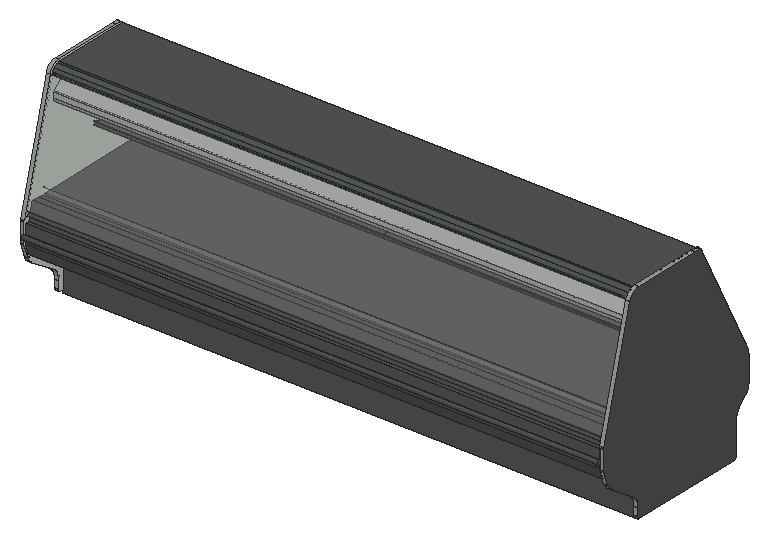
Revit family "ESGMVS_2014", category Specialty Equipment, Revit 2014 (continued)
Automatic sketch dimensions
  Extrusion 2 sketch curve to Extrusion 2 sketch curve = 0"
  Extrusion 3 sketch curve to Extrusion 3 sketch curve = 0"
  plane 1 "Back" to curve 3 = 0"
  plane 1 "Back" to curve 2 = 0"
  plane 1 "Back" to curve 7 = 0"
  plane 1 "Back" to curve 1 = 0"
  plane 1 "Back" to curve 8 = 0"
  plane 1 "Back" to curve 4 = 0"
  plane 8 "Front" to curve 1 = 3/4"
  plane 8 "Front" to curve 4 = 3/4"
  plane 8 "Front" to curve 3 = 3/4"
  plane 8 "Front" to curve 7 = 3/4"
  plane 8 "Front" to curve 2 = 3/4"
  plane 8 "Front" to curve 8 = 3/4"
  Extrusion 38 sketch curve to Extrusion 38 sketch curve = 3.91979"
  Extrusion 38 sketch curve to Extrusion 38 sketch curve = 0.37033"
  Extrusion 38 sketch curve to Extrusion 38 sketch curve = 0.5087"
  Extrusion 38 sketch curve to Extrusion 38 sketch curve = 2.01043"
  Extrusion 38 sketch curve to Extrusion 38 sketch curve = 0.2592"
  Extrusion 39 sketch curve to Extrusion 39 sketch curve = 3.91979"
  Extrusion 39 sketch curve to Extrusion 39 sketch curve = 2.01043"
  Extrusion 39 sketch curve to Extrusion 39 sketch curve = 0.37033"
  Extrusion 39 sketch curve to Extrusion 39 sketch curve = 0.5087"
  Extrusion 39 sketch curve to Extrusion 39 sketch curve = 0.2592"
  Extrusion 40 sketch curve to Extrusion 40 sketch curve = 3.91979"
  Extrusion 40 sketch curve to Extrusion 40 sketch curve = 2.01043"
  Extrusion 40 sketch curve to Extrusion 40 sketch curve = 0.37033"
  Extrusion 40 sketch curve to Extrusion 40 sketch curve = 0.5087"
  Extrusion 40 sketch curve to Extrusion 40 sketch curve = 0.2592"
Nested families (in)
  nested 1: "Floor Support - E Series" at (-73.0625, -2.46769, 0), type "Floor Support - E Series"
    with Height 16 51/256"
  nested 2: "Floor Support - E Series" at (64.1875, -2.46769, 0), type "Floor Support - E Series"
    with Height 16 51/256"
  nested 3: "Light" at (-5.30699, -26.7696, -7.66696), visible <- "Light", type "Light"
    with Length 144 1/2"
  nested 4: "Service Doors - 117deg - 48" at (-77.21324, -25.8463, 0.6267), visible <- "8 Case", type "Service Doors - 117deg - 48"
  nested 5: "Service Doors - 117deg - 72" at (-77.18199, -25.8463, 0.6267), visible <- "12 Case", type "Service Doors - 117deg - 72"
  nested 6: "Service Doors - 117deg - 72" at (-4.93199, -25.8463, 0.6267), visible <- "12 Case", type "Service Doors - 117deg - 72"
  nested 7: "Service Doors - 117deg - 72" at (-77.11949, -25.8463, 0.6267), visible <- "6 Case", type "Service Doors - 117deg - 72"
  nested 8: "Service Doors - 117deg - 72" at (-77.18199, -64.6905, -0.30892), visible <- "12 Case", type "Service Doors - 117deg - 72", not visible
  nested 9: "Service Doors - 117deg - 72" at (-4.93199, -64.6905, -0.30892), visible <- "12 Case", type "Service Doors - 117deg - 72", not visible
  nested 10: "Service Doors - 117deg - 72" at (-77.11949, 14.85822, -0.30892), visible <- "6 Case", type "Service Doors - 117deg - 72", not visible
  nested 11: "Service Doors - 117deg - 48" at (-29.02574, -25.8463, 0.6267), visible <- "8 Case", type "Service Doors - 117deg - 48"
  nested 12: "Service Doors - 117deg - 48" at (-77.21324, -92.6905, -0.30892), visible <- "8 Case", type "Service Doors - 117deg - 48", not visible
  nested 13: "Service Doors - 117deg - 48" at (-29.02574, -92.6905, -0.30892), visible <- "8 Case", type "Service Doors - 117deg - 48", not visible
  nested 14: "Service Doors - 117deg - 48" at (-77.18199, -25.8463, 0.6267), visible <- "4 Case", type "Service Doors - 117deg - 48"
  nested 15: "Service Doors - 117deg - 48" at (-77.18199, -1.6905, -0.30892), visible <- "4 Case", type "Service Doors - 117deg - 48", not visible
  nested 16: "Light" at (-5.30699, -8.56773, -9.28575), visible <- "Light", type "Light"
    with Length 144 1/2"
  nested 17: "Floor Support - E Series" at (-27.3125, -2.46769, 0), type "Floor Support - E Series"
    with Height 16 51/256"
  nested 18: "Floor Support - E Series" at (18.4375, -2.46769, 0), type "Floor Support - E Series"
    with Height 16 51/256"
  nested 19: "Shelf - E Series" at (-77.11949, -11.1413, 29.30745), visible <- "Shelf", type "12""
  nested 20: "Shelf - E Series" at (-77.11949, -13.85553, 34.63443), visible <- "Shelf", type "10""
    with Depth 10"
  nested 21: "Shelf - E Series" at (66.75551, -11.1413, 29.30745), visible <- "Shelf", type "12""
  nested 22: "Shelf - E Series" at (66.75551, -13.85553, 34.63443), visible <- "Shelf", type "10""
    with Depth 10"
  nested 23: "Shelf - E Series" at (-5.18199, -11.1413, 29.30745), visible <- "Shelf", type "12""
  nested 24: "Shelf - E Series" at (-5.18199, -13.85553, 34.63443), visible <- "Shelf", type "10""
    with Depth 10"
  nested 25: "Light" at (-5.30699, -14.23154, -13.46816), visible <- "Shelf Lights", type "Light"
    with Length 144 1/2"
  nested 26: "Light" at (-5.30699, -13.5173, -18.79514), visible <- "Shelf Lights", type "Light"
    with Length 144 1/2"
Connectors (in)
  piping at (-5.05699, -26.25, 15.21482), diameter 1.5, driven by "Waste Drain"
    settings: on Extrusion 1, index 8, connector inside diameter 1 1/4", connector length 0", flow factor 0, pipe flow 0 GPM, pressure drop 0.00 psi, fitting loss kfactor 0, connector angle 0.00°, fixture units 0, engagement length 0", angle of deflection 0.00°, flow configuration 0, flow direction 0, fitting loss method 0, system type 16, joint type 0, gender type 0, connector reference index -1, connector utility 0, adjustable connector no, is connector primary yes, connector description "1 1/4\""
  piping at (58.50551, -29.375, 0), diameter 0.875, driven by "Refrig. Suction", driven by "Refrigeration Lines Suction"
    settings: on Extrusion 2, index 9, connector inside diameter 7/8", connector length 0", flow factor 0, pipe flow 0 GPM, pressure drop 0.00 psi, fitting loss kfactor 0, connector angle 0.00°, fixture units 0, engagement length 0", angle of deflection 0.00°, flow configuration 0, flow direction 2, fitting loss method 0, system type 22, joint type 0, gender type 0, connector reference index -1, connector utility 0, adjustable connector no, is connector primary no, connector description "Suction"
  piping at (59.13051, -29.375, 0), diameter 0.375, driven by "Refrig. Liquid", driven by "Refrigeration Lines Liquid"
    settings: on Extrusion 3, index 10, connector inside diameter 3/8", connector length 0", flow factor 0, pipe flow 0 GPM, pressure drop 0.00 psi, fitting loss kfactor 0, connector angle 0.00°, fixture units 0, engagement length 0", angle of deflection 0.00°, flow configuration 0, flow direction 1, fitting loss method 0, system type 22, joint type 0, gender type 0, connector reference index -1, connector utility 0, adjustable connector no, is connector primary no, connector description "Liquid"
Definition of nested family "Floor Support - E Series"
  Parameters (values of type "Floor Support - E Series")
    Width = 4"
    URL = "www.hussmann.com"
    Type Comments = ""
    Revit Family Date = "5/12/2016"
    Model = ""
    Manufacturer = "Hussmann Corporation"
    Height = 15.4495"
    Floor Support = none
    Description = ""
    Depth = 26.382"
    Assembly Code = ""
    Accessories/Options = ""
  Reference planes (in)
    plane 1 "Back": y = -2.993
    plane 2 "Bottom": z = 0
    plane 3 "Top": z = 15.4495
    plane 4 "Front": y = -29.375
    plane 5 "Center (Left/Right)": x = -0.61949
    plane 6 "Left": x = -2.61949
    plane 7 "Right": x = 1.38051
  Forms (in)
    Extrusion 1, solid, material <- "Floor Support"
      sketch origin (0, 0, 0) x (1, 0, 0) y (0, 1, 0)
        loop
          line (-2.61949, -6.062) -> (-2.61949, -6.187) -> (-1.74449, -6.187) -> (-1.74449, -3.118) -> (0.50551, -3.118) -> (0.50551, -6.187) -> (1.38051, -6.187) -> (1.38051, -6.062) -> (0.63051, -6.062) -> (0.63051, -2.993) -> (-1.86949, -2.993) -> (-1.86949, -6.062) -> (-2.61949, -6.062)
        loop
          line (-2.61949, -26.306) -> (-1.86949, -26.306) -> (-1.86949, -29.375) -> (0.63051, -29.375) -> (0.63051, -26.306) -> (1.38051, -26.306) -> (1.38051, -26.181) -> (0.50551, -26.181) -> (0.50551, -29.25) -> (-1.74449, -29.25) -> (-1.74449, -26.181) -> (-2.61949, -26.181) -> (-2.61949, -26.306)
      from 0.6875 to 15.4495
    Extrusion 2, solid, material <- "Floor Support"
      sketch origin (0, 0, 0) x (1, 0, 0) y (0, 1, 0)
        loop
          circle (-0.61949, -3.519) r 0.3125
        loop
          circle (-0.61949, -28.592) r 0.3125
      from 0 to 0.5625
    Extrusion 3, solid, material <- "Floor Support"
      sketch origin (0, 0, 0) x (1, 0, 0) y (0, 1, 0)
        loop
          circle (-0.61949, -28.592) r 0.5
        loop
          circle (-0.61949, -3.519) r 0.5
      from 0.5625 to 0.6875
    Extrusion 4, solid, material <- "Floor Support"
      sketch origin (0, 0, 0) x (1, 0, 0) y (0, 1, 0)
        loop
          line (-1.74449, -3.118) -> (-1.74449, -29.25) -> (0.50551, -29.25) -> (0.50551, -3.118) -> (-1.74449, -3.118)
      from 12.56949 to 15.4495
  Dimensions and locks (in)
    "Depth": plane 4 "Front" to plane 1 "Back"
    "Height": plane 3 "Top" to level
    equal spacing: plane 6 "Left", plane 5 "Center (Left/Right)", plane 7 "Right"
    "Width": plane 6 "Left" to plane 7 "Right"
    aligned and locked: Extrusion 4 to plane 3 "Top"
    aligned and locked: Extrusion 1 to plane 3 "Top"
  Automatic sketch dimensions
    plane 1 "Back" to Extrusion 1 sketch curve = 0"
    Extrusion 1 sketch curve to Extrusion 1 sketch curve = 1/8"  (x9)
    plane 1 "Back" to Extrusion 1 sketch curve = 1/8"
    Extrusion 1 sketch curve to Extrusion 1 sketch curve = 0"  (x2)
    Extrusion 1 sketch curve to plane 6 "Left" = 0"  (x2)
    plane 6 "Left" to Extrusion 1 sketch curve = 3/4"  (x2)
    Extrusion 1 sketch curve to plane 7 "Right" = 0"  (x2)
    Extrusion 1 sketch curve to plane 7 "Right" = 7/8"
    Extrusion 1 sketch curve to Extrusion 1 sketch curve = 7/8"
    Extrusion 3 sketch curve to plane 5 "Center (Left/Right)" = 0"  (x2)
    plane 4 "Front" to Extrusion 4 sketch curve = 1/8"
    plane 6 "Left" to Extrusion 4 sketch curve = 7/8"
    Extrusion 4 sketch curve to plane 7 "Right" = 7/8"
    plane 1 "Back" to Extrusion 4 sketch curve = 1/8"
    Extrusion 1 sketch curve to plane 4 "Front" = 0"
    Extrusion 1 sketch curve to Extrusion 1 sketch curve = 2.944"
    plane 4 "Front" to Extrusion 3 sketch curve = 0.783"
    Extrusion 1 sketch curve to Extrusion 1 sketch curve = 3.069"
    plane 1 "Back" to Extrusion 3 sketch curve = 0.526"
    radius of Extrusion 3 sketch curve = 1/2"  (x2)
Definition of nested family "Service Doors - 117deg - 48"
  Parameters (values of type "Service Doors - 117deg - 48")
    Glazing = Glass
    Door Frame = none
  Reference planes (in)
    plane 1 "Center (Front/Back)": y = 25.29918
    plane 2: z = 0
    plane 3 "Center (Left/Right)": x = 0
  Forms (in)
    Sweep 1, solid, material <- "Door Frame"
      path in 3D
        loop
          line (48, 12.47395, 49.89806) -> (0, 12.47395, 49.89806) -> (0, 25.29918, 24.72713) -> (48, 25.29918, 24.72713) -> (48, 12.47395, 49.89806)
      profile origin (24, 12.47395, 49.89806) x (0, -0.999433, -0.03367) y (0, -0.03367, 0.999433)
        loop
          line (0.21162, -0.099) -> (0, 0) -> (-0.6356, -1.35868) -> (1.40139, -2.3116) -> (1.82513, -1.40581) -> (0.01501, -0.55903) -> (0.21162, -0.099)
    Extrusion 2, solid, material <- "Door Frame"
      sketch origin (1.5, 11.15118, 47.54059) x (0, 0.45399, -0.891007) y (0, 0.891007, 0.45399)
        loop
          line (0, 0.25) -> (25.25, 0.25) -> (25.25, 1.0625) -> (0, 1.0625) -> (0, 0.25)
      from 0 to 23
    Extrusion 3, solid, material <- "Door Frame"
      sketch origin (46.5, 22.61444, 25.04267) x (0, -0.45399, 0.891007) y (0, 0.891007, 0.45399)
        loop
          line (25.25, 1.875) -> (0, 1.875) -> (0, 1.0625) -> (25.25, 1.0625) -> (25.25, 1.875)
      from 0 to 23
    Extrusion 4, void
      sketch origin (46.5, 13.11976, 47.80708) x (0, -0.45399, 0.891007) y (-1, 0, 0)
        loop
          line (-23.09373, 21.5) -> (-23.09373, 1.5) -> (-0.84373, 1.5) -> (-0.84373, 21.5) -> (-23.09373, 21.5)
      from 0 to 0.8125
    Extrusion 5, void
      sketch origin (1.5, 11.1405, 48.11223) x (0, -0.45399, 0.891007) y (1, 0, 0)
        loop
          line (-2.01418, 21.5) -> (-24.26418, 21.5) -> (-24.26418, 1.5) -> (-2.01418, 1.5) -> (-2.01418, 21.5)
      from 0 to 0.8125
    Extrusion 6, solid, material "Glass" <- "Glazing"
      sketch origin (25, 24.28508, 25.8939) x (0, -0.45399, 0.891007) y (0, -0.891007, -0.45399)
        loop
          line (1.5, 0.1875) -> (25.25, 0.1875) -> (25.25, 0.625) -> (1.5, 0.625) -> (1.5, 0.1875)
      from 0 to 20
    Extrusion 7, solid, material "Glass" <- "Glazing"
      sketch origin (23, 11.37393, 47.65408) x (0, 0.45399, -0.891007) y (0, -0.891007, -0.45399)
        loop
          line (1.5, -0.625) -> (25.25, -0.625) -> (25.25, -0.1875) -> (1.5, -0.1875) -> (1.5, -0.625)
      from 0 to 20
  Cuts and joins
    Extrusion 4 cuts Extrusion 3
    Extrusion 5 cuts Extrusion 2
  Lines and regions (in)
    sketch lines
      curve 1: line (48, 25.29918, 24.72713) -> (48, 12.47395, 49.89806)
      curve 2: line (0, 12.47395, 49.89806) -> (0, 25.29918, 24.72713)
      curve 3: line (48, 12.47395, 49.89806) -> (0, 12.47395, 49.89806)
      curve 4: line (48, 25.29918, 24.72713) -> (0, 25.29918, 24.72713)
  Dimensions and locks (in)
    Extrusion 2 to Extrusion 3 = 45"
    plane 3 "Center (Left/Right)" to Sweep 1 = 48"
    Sweep 1 to Sweep 1 = 1 1/2"
    locked: cut or joined group of Extrusion 3, Extrusion 4 to Extrusion 4 sketch curve at 1.5
    locked: Extrusion 5 sketch curve to cut or joined group of Extrusion 2, Extrusion 5 at 1.5
    Sweep 1 to Sweep 1 = 28 1/4"
    locked: cut or joined group of Extrusion 2, Extrusion 5 to Extrusion 5 sketch curve at 1.5  (x2)
    locked: Sweep 1 to Extrusion 5 sketch curve at 1.5
    locked: Extrusion 4 sketch curve to Sweep 1 at 1.5  (x3)
    Sweep 1 to Sweep 1 = 45"
    angle level to Sweep 1 = 117.00°
    aligned and locked: plane 2 to level
    aligned and locked: Extrusion 3 to Sweep 1  (x3)
    aligned and locked: Extrusion 2 to Sweep 1
    aligned and locked: Extrusion 6 to cut or joined group of Extrusion 3, Extrusion 4
    aligned and locked: cut or joined group of Extrusion 3, Extrusion 4 to Extrusion 6
    aligned and locked: cut or joined group of Extrusion 2, Extrusion 5 to Extrusion 7
    aligned and locked: plane 1 "Center (Front/Back)" to Sweep 1
    aligned and locked: Sweep 1 to Extrusion 2 sketch curve  (x2)
    aligned and locked: cut or joined group of Extrusion 2, Extrusion 5 to Extrusion 7 sketch curve
    aligned and locked: Extrusion 7 sketch curve to Sweep 1
    aligned and locked: Sweep 1 to Extrusion 3 sketch curve  (x2)
    aligned and locked: Extrusion 6 sketch curve to Sweep 1
    aligned and locked: Extrusion 6 sketch curve to cut or joined group of Extrusion 3, Extrusion 4
Definition of nested family "Service Doors - 117deg - 72"
  Parameters (values of type "Service Doors - 117deg - 72")
    Glazing = none
    Door Frame = none
  Reference planes (in)
    plane 1 "Center (Front/Back)": y = 25.29918
    plane 2: z = 0
    plane 3 "Center (Left/Right)": x = 0
  Forms (in)
    Sweep 1, solid, material <- "Door Frame"
      path in 3D
        loop
          line (72, 12.47395, 49.89806) -> (0, 12.47395, 49.89806) -> (0, 25.29918, 24.72713) -> (72, 25.29918, 24.72713) -> (72, 12.47395, 49.89806)
      profile origin (36, 12.47395, 49.89806) x (0, -0.999433, -0.03367) y (0, -0.03367, 0.999433)
        loop
          line (0.21162, -0.099) -> (0, 0) -> (-0.6356, -1.35868) -> (1.40139, -2.3116) -> (1.82513, -1.40581) -> (0.01501, -0.55903) -> (0.21162, -0.099)
    Extrusion 2, solid, material <- "Door Frame"
      sketch origin (1.5, 11.15118, 47.54059) x (0, 0.45399, -0.891007) y (0, 0.891007, 0.45399)
        loop
          line (0, 0.25) -> (25.25, 0.25) -> (25.25, 1.0625) -> (0, 1.0625) -> (0, 0.25)
      from 0 to 35
    Extrusion 3, solid, material <- "Door Frame"
      sketch origin (70.5, 22.61444, 25.04267) x (0, -0.45399, 0.891007) y (0, 0.891007, 0.45399)
        loop
          line (25.25, 1.875) -> (0, 1.875) -> (0, 1.0625) -> (25.25, 1.0625) -> (25.25, 1.875)
      from 0 to 35
    Extrusion 4, void
      sketch origin (70.5, 13.11976, 47.80708) x (0, -0.45399, 0.891007) y (-1, 0, 0)
        loop
          line (-23.09373, 33.5) -> (-23.09373, 1.5) -> (-0.84373, 1.5) -> (-0.84373, 33.5) -> (-23.09373, 33.5)
      from 0 to 0.8125
    Extrusion 5, void
      sketch origin (1.5, 11.1405, 48.11223) x (0, -0.45399, 0.891007) y (1, 0, 0)
        loop
          line (-2.01418, 33.5) -> (-24.26418, 33.5) -> (-24.26418, 1.5) -> (-2.01418, 1.5) -> (-2.01418, 33.5)
      from 0 to 0.8125
    Extrusion 6, solid, material <- "Glazing"
      sketch origin (37, 24.28508, 25.8939) x (0, -0.45399, 0.891007) y (0, -0.891007, -0.45399)
        loop
          line (1.5, 0.1875) -> (25.25, 0.1875) -> (25.25, 0.625) -> (1.5, 0.625) -> (1.5, 0.1875)
      from 0 to 32
    Extrusion 7, solid, material <- "Glazing"
      sketch origin (35, 11.37393, 47.65408) x (0, 0.45399, -0.891007) y (0, -0.891007, -0.45399)
        loop
          line (1.5, -0.625) -> (25.25, -0.625) -> (25.25, -0.1875) -> (1.5, -0.1875) -> (1.5, -0.625)
      from 0 to 32
  Cuts and joins
    Extrusion 4 cuts Extrusion 3
    Extrusion 5 cuts Extrusion 2
  Lines and regions (in)
    sketch lines
      curve 1: line (72, 25.29918, 24.72713) -> (72, 12.47395, 49.89806)
      curve 2: line (0, 12.47395, 49.89806) -> (0, 25.29918, 24.72713)
      curve 3: line (72, 12.47395, 49.89806) -> (0, 12.47395, 49.89806)
      curve 4: line (72, 25.29918, 24.72713) -> (0, 25.29918, 24.72713)
  Dimensions and locks (in)
    Extrusion 2 to Extrusion 3 = 69"
    plane 3 "Center (Left/Right)" to Sweep 1 = 72"
    Sweep 1 to Sweep 1 = 1 1/2"
    locked: cut or joined group of Extrusion 3, Extrusion 4 to Extrusion 4 sketch curve at 1.5
    locked: Extrusion 5 sketch curve to cut or joined group of Extrusion 2, Extrusion 5 at 1.5
    Sweep 1 to Sweep 1 = 28 1/4"
    locked: cut or joined group of Extrusion 2, Extrusion 5 to Extrusion 5 sketch curve at 1.5  (x2)
    locked: Sweep 1 to Extrusion 5 sketch curve at 1.5
    locked: Extrusion 4 sketch curve to Sweep 1 at 1.5  (x3)
    Sweep 1 to Sweep 1 = 69"
    angle level to Sweep 1 = 117.00°
    aligned and locked: plane 2 to level
    aligned and locked: Extrusion 3 to Sweep 1  (x3)
    aligned and locked: Extrusion 2 to Sweep 1
    aligned and locked: Extrusion 6 to cut or joined group of Extrusion 3, Extrusion 4
    aligned and locked: cut or joined group of Extrusion 3, Extrusion 4 to Extrusion 6
    aligned and locked: cut or joined group of Extrusion 2, Extrusion 5 to Extrusion 7
    aligned and locked: plane 1 "Center (Front/Back)" to Sweep 1
    aligned and locked: Sweep 1 to Extrusion 2 sketch curve  (x2)
    aligned and locked: cut or joined group of Extrusion 2, Extrusion 5 to Extrusion 7 sketch curve
    aligned and locked: Extrusion 7 sketch curve to Sweep 1
    aligned and locked: Sweep 1 to Extrusion 3 sketch curve  (x2)
    aligned and locked: Extrusion 6 sketch curve to Sweep 1
    aligned and locked: Extrusion 6 sketch curve to cut or joined group of Extrusion 3, Extrusion 4
Definition of nested family "Shelf - E Series"
  Parameters (values of type "18"")
    Width = 1/4"
    Shelf Bracket = Sheet Metal (Steel Painted) - 701 Black
    Height = 4.89591"
    Depth = 18"
  Types (5): name | Depth
    18" | 18"
    12" | 12"
    16" | 16"
    22" | 22"
    14" | 14"
  Reference planes (in)
    plane 1 "Back": y = 0
    plane 2: z = 0
    plane 3 "Left": x = 0
    plane 4 "Front": y = -18
    plane 5 "Right": x = 0.25
    plane 6: z = 4.89591
    plane 7 "Center (Left/Right)": x = 0.125
  Forms (in)
    Extrusion 1, solid, material "Sheet Metal (Steel Painted) - 701 Black" <- "Shelf Bracket"
      sketch origin (0, 0, 0) x (0, 1, 0) y (0, 0, 1)
        loop
          line (0.07326, 0.26836) -> (0.18143, 0.26875)
          arc (0.18143, 0.26875) -> (0.3025, 0.36199) -> (0.24317, 0.50282) r 0.12517
          line (0.24317, 0.50282) -> (-0.04494, 0.66605)
          arc (-0.04494, 0.66605) -> (-0.07187, 0.69679) -> (-0.07382, 0.7376) r 0.062
          line (-0.07382, 0.7376) -> (0.10406, 1.33811) -> (0.09305, 2.59922) -> (0.01772, 3.20416)
          arc (0.01772, 3.20416) -> (0.03288, 3.25348) -> (0.07981, 3.27494) r 0.063
          line (0.07981, 3.27494) -> (0.15806, 3.27547) -> (0.15929, 3.09434) -> (0.56271, 3.06679) -> (0.68212, 3.03122) -> (0.63408, 2.86666) -> (1.2983, 2.73359) -> (1.40516, 2.66752) -> (1.32096, 2.53134) -> (1.94726, 2.21454) -> (2.03229, 2.12435) -> (1.91623, 2.01494)
          arc (1.91623, 2.01494) -> (2.32601, 2.00181) -> (2.34025, 2.41156) r 0.2903
          arc (2.34025, 2.41156) -> (1.62913, 3.00885) -> (0.79406, 3.41517) r 3.78823
          arc (0.79406, 3.41517) -> (0.76115, 3.40549) -> (0.74067, 3.43301) r 0.03
          arc (0.74067, 3.43301) -> (0.42541, 3.52091) -> (0.10373, 3.58126) r 3.78823
          arc (0.10373, 3.58126) -> (0.02969, 3.62316) -> (-0.00038, 3.70274) r 0.125
          line (-0.00038, 3.70274) -> (-0.01867, 4.21036)
          arc (-0.01867, 4.21036) -> (-0.00134, 4.25606) -> (0.04347, 4.27562) r 0.063
          line (0.04347, 4.27562) -> (0.14916, 4.277) -> (0.15148, 4.09933) -> (0.8496, 4.03037) -> (0.96839, 3.99481) -> (0.92223, 3.84061) -> (1.16715, 3.78222)
          arc (1.16715, 3.78222) -> (1.31884, 3.92198) -> (1.24674, 4.11523) r 0.18489
          arc (1.24674, 4.11523) -> (0.5579, 4.49791) -> (-0.2, 4.71364) r 3.43695
          arc (-0.2, 4.71364) -> (-0.21607, 4.71919) -> (-0.23121, 4.72694) r 0.121
          line (-0.23121, 4.72694) -> (-0.23121, 4.89591) -> (-18, 4.89591) -> (-18, 4.52233)
          spline (-18, 4.52233) -> (-17.99893, 4.50603) -> (-17.99574, 4.49) -> (-17.99049, 4.47453) -> (-17.98325, 4.45987) -> (-17.97417, 4.44628) -> (-17.96339, 4.434) -> (-17.9511, 4.42322) -> (-17.9375, 4.41415) -> (-17.92284, 4.40692) -> (-17.90735, 4.40167) -> (-17.89132, 4.39848) -> (-17.875, 4.39741)
          line (-17.875, 4.39741) -> (-16.09303, 4.39741)
          spline (-16.09303, 4.39741) -> (-16.07672, 4.39634) -> (-16.06068, 4.39315) -> (-16.0452, 4.3879) -> (-16.03053, 4.38067) -> (-16.01694, 4.37159) -> (-16.00465, 4.36082) -> (-15.99387, 4.34853) -> (-15.98478, 4.33495) -> (-15.97755, 4.32029) -> (-15.9723, 4.30482) -> (-15.96911, 4.28879) -> (-15.96804, 4.27249)
          line (-15.96804, 4.27249) -> (-15.96804, 3.92271)
          spline (-15.96804, 3.92271) -> (-15.96697, 3.9064) -> (-15.96378, 3.89037) -> (-15.95852, 3.8749) -> (-15.95129, 3.86025) -> (-15.94221, 3.84666) -> (-15.93142, 3.83437) -> (-15.91913, 3.8236) -> (-15.90554, 3.81452) -> (-15.89087, 3.80729) -> (-15.87539, 3.80204) -> (-15.85935, 3.79885) -> (-15.84304, 3.79779)
          line (-15.84304, 3.79779) -> (-3.71618, 3.79779)
          arc (-3.71618, 3.79779) -> (-2.98005, 3.43429) -> (-2.45199, 2.80567) r 1.99996
          line (-2.45199, 2.80567) -> (-1.47212, 0.97726)
          arc (-1.47212, 0.97726) -> (-1.05125, 0.43902) -> (-0.47377, 0.07386) r 1.99996
          line (-0.47377, 0.07386) -> (-0.29521, 0) -> (-0.24369, 0.17221) -> (0.07446, 0.09812) -> (0.07326, 0.26836)
      from 0 to 0.25
  Dimensions and locks (in)
    "Depth": plane 4 "Front" to plane 1 "Back"
    locked: Extrusion 1 sketch curve to plane 1 "Back" at 3.71618
    locked: plane 4 "Front" to Extrusion 1 sketch curve at 2.03196
    "Width": plane 5 "Right" to plane 3 "Left"
    "Height": plane 6 to level
    equal spacing: plane 3 "Left", plane 7 "Center (Left/Right)", plane 5 "Right"
    aligned and locked: plane 2 to level
    aligned and locked: Extrusion 1 to plane 3 "Left"
    aligned and locked: plane 5 "Right" to Extrusion 1
    aligned and locked: Extrusion 1 sketch curve to plane 4 "Front"
  Automatic sketch dimensions
    Extrusion 1 sketch curve to Extrusion 1 sketch curve = 0"  (x2)
    Extrusion 1 sketch curve to level = 0"
    Extrusion 1 sketch curve to plane 4 "Front" = 1/8"
    Extrusion 1 sketch curve to Extrusion 1 sketch curve = 1/8"  (x2)
    Extrusion 1 sketch curve to Extrusion 1 sketch curve = 0.49859"
    Extrusion 1 sketch curve to Extrusion 1 sketch curve = 1.26419"
    plane 1 "Back" to Extrusion 1 sketch curve = 1.47212"
    plane 1 "Back" to Extrusion 1 sketch curve = 0.75578"
    level to Extrusion 1 sketch curve = 0.07386"
    plane 1 "Back" to Extrusion 1 sketch curve = 0.47377"
    Extrusion 1 sketch curve to Extrusion 1 sketch curve = 0.0404"
    Extrusion 1 sketch curve to Extrusion 1 sketch curve = 0.17856"
    Extrusion 1 sketch curve to Extrusion 1 sketch curve = 0.05152"
    plane 1 "Back" to Extrusion 1 sketch curve = 0.07382"
    plane 1 "Back" to Extrusion 1 sketch curve = 0.04494"
    plane 1 "Back" to Extrusion 1 sketch curve = 0.01867"
    plane 1 "Back" to Extrusion 1 sketch curve = 0.01438"
    plane 1 "Back" to Extrusion 1 sketch curve = 0.00038"
    Extrusion 1 sketch curve to plane 1 "Back" = 0.01772"
    Extrusion 1 sketch curve to plane 1 "Back" = 0.04347"
    Extrusion 1 sketch curve to plane 1 "Back" = 0.04429"
    Extrusion 1 sketch curve to plane 1 "Back" = 0.07326"
    Extrusion 1 sketch curve to plane 1 "Back" = 0.07446"
    Extrusion 1 sketch curve to plane 1 "Back" = 0.07981"
    Extrusion 1 sketch curve to Extrusion 1 sketch curve = 1/16"
    Extrusion 1 sketch curve to plane 1 "Back" = 0.09305"
    Extrusion 1 sketch curve to plane 1 "Back" = 0.10406"
    Extrusion 1 sketch curve to plane 1 "Back" = 0.1246"
    Extrusion 1 sketch curve to Extrusion 1 sketch curve = 0.10569"
    Extrusion 1 sketch curve to plane 1 "Back" = 0.15148"
    Extrusion 1 sketch curve to Extrusion 1 sketch curve = 0.07825"
    Extrusion 1 sketch curve to Extrusion 1 sketch curve = 0.07905"
    Extrusion 1 sketch curve to Extrusion 1 sketch curve = 0.10816"
    Extrusion 1 sketch curve to Extrusion 1 sketch curve = 0.00004"
    Extrusion 1 sketch curve to Extrusion 1 sketch curve = 0.0617"
    Extrusion 1 sketch curve to plane 1 "Back" = 0.29066"
    Extrusion 1 sketch curve to Extrusion 1 sketch curve = 0.40342"
    Extrusion 1 sketch curve to Extrusion 1 sketch curve = 0.07136"
    Extrusion 1 sketch curve to Extrusion 1 sketch curve = 0.11941"
    Extrusion 1 sketch curve to Extrusion 1 sketch curve = 0.08854"
    Extrusion 1 sketch curve to Extrusion 1 sketch curve = 0.07895"
    Extrusion 1 sketch curve to Extrusion 1 sketch curve = 0.07263"
    Extrusion 1 sketch curve to Extrusion 1 sketch curve = 0.11879"
    Extrusion 1 sketch curve to Extrusion 1 sketch curve = 0.17062"
    Extrusion 1 sketch curve to Extrusion 1 sketch curve = 0.02814"
    Extrusion 1 sketch curve to Extrusion 1 sketch curve = 0.66423"
    Extrusion 1 sketch curve to Extrusion 1 sketch curve = 0.02266"
    Extrusion 1 sketch curve to Extrusion 1 sketch curve = 0.10686"
    Extrusion 1 sketch curve to Extrusion 1 sketch curve = 0.59526"
    Extrusion 1 sketch curve to Extrusion 1 sketch curve = 0.03103"
    Extrusion 1 sketch curve to Extrusion 1 sketch curve = 0.08503"
    Extrusion 1 sketch curve to Extrusion 1 sketch curve = 0.09542"
    Extrusion 1 sketch curve to level = 0.16869"
    level to Extrusion 1 sketch curve = 0.09812"
    level to Extrusion 1 sketch curve = 0.17221"
    Extrusion 1 sketch curve to Extrusion 1 sketch curve = 0.17024"
    Extrusion 1 sketch curve to Extrusion 1 sketch curve = 0.00039"
    Extrusion 1 sketch curve to Extrusion 1 sketch curve = 0.12517"
    Extrusion 1 sketch curve to Extrusion 1 sketch curve = 0.16323"
    Extrusion 1 sketch curve to Extrusion 1 sketch curve = 0.05394"
    level to Extrusion 1 sketch curve = 0.97726"
    Extrusion 1 sketch curve to Extrusion 1 sketch curve = 0.34466"
    Extrusion 1 sketch curve to Extrusion 1 sketch curve = 0.58386"
    level to Extrusion 1 sketch curve = 1.86097"
    Extrusion 1 sketch curve to Extrusion 1 sketch curve = 0.09298"
    Extrusion 1 sketch curve to Extrusion 1 sketch curve = 0.1094"
    Extrusion 1 sketch curve to Extrusion 1 sketch curve = 0.08948"
    Extrusion 1 sketch curve to Extrusion 1 sketch curve = 0.09019"
    Extrusion 1 sketch curve to Extrusion 1 sketch curve = 0.3168"
    Extrusion 1 sketch curve to Extrusion 1 sketch curve = 0.67726"
    Extrusion 1 sketch curve to Extrusion 1 sketch curve = 0.13618"
    Extrusion 1 sketch curve to Extrusion 1 sketch curve = 0.06608"
    Extrusion 1 sketch curve to Extrusion 1 sketch curve = 0.9447"
    Extrusion 1 sketch curve to Extrusion 1 sketch curve = 0.26744"
    Extrusion 1 sketch curve to Extrusion 1 sketch curve = 0.16455"
    Extrusion 1 sketch curve to Extrusion 1 sketch curve = 0.03558"
    Extrusion 1 sketch curve to Extrusion 1 sketch curve = 0.02755"
    Extrusion 1 sketch curve to Extrusion 1 sketch curve = 0.10981"
    Extrusion 1 sketch curve to Extrusion 1 sketch curve = 0.00778"
    Extrusion 1 sketch curve to Extrusion 1 sketch curve = 0.40272"
    Extrusion 1 sketch curve to Extrusion 1 sketch curve = 0.4278"
    Extrusion 1 sketch curve to Extrusion 1 sketch curve = 0.00177"
    Extrusion 1 sketch curve to Extrusion 1 sketch curve = 0.34828"
    Extrusion 1 sketch curve to Extrusion 1 sketch curve = 0.0584"
    Extrusion 1 sketch curve to Extrusion 1 sketch curve = 0.18274"
    Extrusion 1 sketch curve to Extrusion 1 sketch curve = 0.15419"
    Extrusion 1 sketch curve to Extrusion 1 sketch curve = 0.03556"
    Extrusion 1 sketch curve to Extrusion 1 sketch curve = 0.39482"
    Extrusion 1 sketch curve to Extrusion 1 sketch curve = 0.11103"
    Extrusion 1 sketch curve to Extrusion 1 sketch curve = 0.00227"
    Extrusion 1 sketch curve to Extrusion 1 sketch curve = 0.4747"
    Extrusion 1 sketch curve to Extrusion 1 sketch curve = 0.0312"
    Extrusion 1 sketch curve to plane 1 "Back" = 0.10373"
    Extrusion 1 sketch curve to Extrusion 1 sketch curve = 0.02999"
    Extrusion 1 sketch curve to Extrusion 1 sketch curve = 0.0234"
    Extrusion 1 sketch curve to Extrusion 1 sketch curve = 0.12492"  (x3)
    Extrusion 1 sketch curve to plane 6 = 0"
    plane 1 "Back" to Extrusion 1 sketch curve = 0.23121"
    Extrusion 1 sketch curve to Extrusion 1 sketch curve = 0.06258"
    Extrusion 1 sketch curve to Extrusion 1 sketch curve = 0.16897"
    Extrusion 1 sketch curve to plane 6 = 0.06541"
Definition of nested family "Light"
  Parameters (values of type "Light")
    Wattage = 16.1571 W
    built-in parameter 1150110 = 1 (stored number, unit not read)
    built-in parameter 1114217 = 1 (stored number, unit not read)
    built-in parameter 1150109 = 1 (stored number, unit not read)
    built-in parameter 1150134 = (empty or 0)
    built-in parameter 1150113 = 1 (stored number, unit not read)
    Lumens = 2400 lm
    built-in parameter 1150115 = 1 (stored number, unit not read)
    built-in parameter 1150105 = 763.94 (stored number, unit not read)
    Light Source Symbol Size = 24"
    built-in parameter 1150137 = (empty or 0)
    built-in parameter 1150139 = (empty or 0)
    Lense = none
    Length = 144"
    built-in parameter 1150112 = 1 (stored number, unit not read)
    built-in parameter 1150114 = 1 (stored number, unit not read)
    built-in parameter 1150132 = 2
    built-in parameter 1150102 = (empty or 0)
    built-in parameter 1150138 = (empty or 0)
    built-in parameter 1150107 = 6100 (stored number, unit not read)
    built-in parameter 1150106 = 7.6394 (stored number, unit not read)
    Emit from Line Length = Length  # 144"
    built-in parameter 1150104 = 13.8 (stored number, unit not read)
    Dimming Lamp Color Temperature Shift = (empty or 0)
    Color Filter = 16777215
    Casing = none
    built-in parameter 1114218 = 1 (stored number, unit not read)
    built-in parameter 1150133 = 10 (stored number, unit not read)
  Reference planes (in)
    plane 1 "Light Source Axis (F/B)": y = -8.60801
    plane 2: z = 0
    plane 3 "Light Source Axis (L/R)": x = 0
    plane 4 "Light Source Elevation": z = 52.5
    plane 5: z = 0
    plane 6 "Left": x = -72
    plane 7 "Right": x = 72
  Lines and regions (in)
    model lines
      curve 1: line (-72, -8.60801, 52.5) -> (72, -8.60801, 52.5)
  Dimensions and locks (in)
    equal spacing: plane 7 "Right", plane 3 "Light Source Axis (L/R)", plane 6 "Left"
    "Length": plane 7 "Right" to plane 6 "Left"
    aligned and locked: plane 3 "Light Source Axis (L/R)" to imposter light
    aligned and locked: plane 1 "Light Source Axis (F/B)" to imposter light
    aligned and locked: plane 4 "Light Source Elevation" to imposter light
    aligned and locked: level to plane 5
  Automatic sketch dimensions
    plane 1 "Light Source Axis (F/B)" to curve 1 = 0"
    curve 1 to plane 6 "Left" = 0"
    curve 1 to plane 7 "Right" = 0"
Types (4): name | Width | Total Weight | Number of Supports | Number of Shelf Supports | Location of Drain | Case Weight | 8 Case | 6 Case | 4 Case | 12 Case
  12'-0" Length | 144 1/2" | 1400.00 lbf | 4 | 3 | 72 1/4" | 1200.00 lbf | no | no | no | yes
  6'-0" Length | 72 3/8" | 900.00 lbf | 3 | 2 | 24 1/8" | 700.00 lbf | no | yes | no | no
  8'-0" Length | 96 3/8" | 1300.00 lbf | 3 | 3 | 24 1/8" | 1100.00 lbf | yes | no | no | no
  4'-0" Length | 48 1/4" | 800.00 lbf | 2 | 2 | 24 1/8" | 600.00 lbf | no | no | yes | no
